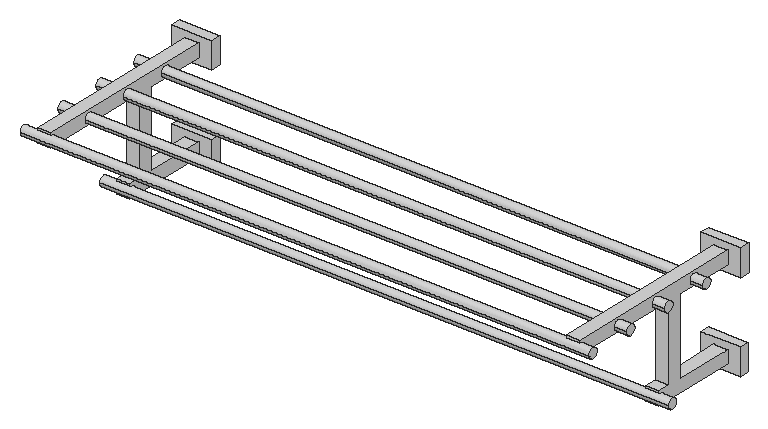
Revit family "Reece_Accessory_GROHE_Essentials Cube_Multi-Towel Rack_600 mm", category Plumbing Fixtures, Revit 2018
Family settings
  Round Connector Dimension = Use Diameter
  Part Type = Normal
  Work Plane-Based = Yes
  Always vertical = Yes
  Cut with Voids When Loaded = Yes
  Shared = Yes
  Room Calculation Point = Yes
Parameters
  URL = "https://www.reece.com.au/product/-9506982"
  Type Comments = "Accessory"
  Reece_Product_Web Page = "https://www.reece.com.au/product/-9506982"
  Reece_Product_Type = "Accessory"  # constant formula
  Reece_Product_Sub Brand = "Essentials Cube"  # constant formula
  Reece_Product_Number = "9506982"
  Reece_Product_Mount = "Wall Mounted"
  Reece_Product_Description = "GROHE Essentials Cube Accessories Multi-Towel Rack 600mm Chrome"
  Reece_Product_Brand = "Grohe"  # constant formula
  Reece_Overall_Width = 600 mm  # constant formula
  Reece_Overall_Height = 122 mm  # constant formula
  Reece_Material_Main = Reece_Brass_Chrome
  Reece_Height_From_Level [instance] = 1000 mm
  Reece_Detail_Shape = ""
  Reece_Detail_Installation = ""
  Reece_Detail_Disclaimer = "THIS FILE IS THE PROPERTY OF THE REECE GROUP. IT MAY NOT BE REPRODUCED, REVERSE-ENGINEERED OR MODIFIED. ANY REPUBLICATION, TRANSMISSION OR DISTRIBUTION FOR THE PURPOSE OF COMMERCIALLY EXPLOITING THE FILES IS PROHIBITED."  # constant formula
  Reece_Detail_Connector = ""
  Reece_Detail_Additional = ""
  Reece_Accessory_Projection = 210 mm  # constant formula
  Model = "Essentials Cube"
  Manufacturer = "Grohe"
  Keynote = "Product #9506982, Reece_Accessory_GROHE_Essentials Cube_Multi-Towel Rack_600 mm -  "
  Disclaimer = "THIS FILE IS THE PROPERTY OF THE REECE GROUP. IT MAY NOT BE REPRODUCED, REVERSE-ENGINEERED OR MODIFIED. ANY REPUBLICATION, TRANSMISSION OR DISTRIBUTION FOR THE PURPOSE OF COMMERCIALLY EXPLOITING THE FILES IS PROHIBITED."  # constant formula
  Description = "GROHE Essentials Cube Accessories Multi-Towel Rack 600mm Chrome"
  Default Elevation = 0 mm
Types (2, lengths in mm): name | Keynote
  (no name) | "Product #9506982, Reece_Accessory_GROHE_Essentials Cube_Multi-Towel Rack_600 mm -  "
  Chrome | "Product #9506982, Reece_Accessory_GROHE_Essentials Cube_Multi-Towel Rack_600 mm - Chrome"
Reference planes
  plane 1 "Center (Front/Back)": y = 0
  plane 2 "Bottom Host Plane": z = -5
  plane 3 "Center (Left/Right)": x = 0
  plane 4 "Fixing Point": z = 1000
  plane 5: z = 906
  plane 6: x = 0
  plane 7: x = 300
  plane 8: x = -300
  plane 9: y = -210
  plane 10: z = 1014
  plane 11: z = 892
Forms (mm)
  Extrusion 1, solid, material "Reece_Brass_Chrome" <- "Reece_Material_Main"
    sketch origin (-286, 0, 0) x (0, 1, 0) y (0, 0, 1)
      loop
        line (0, 1014) -> (-10, 1014) -> (-10, 986) -> (0, 986) -> (0, 1014)
    from -14 to 28
  Extrusion 2, solid, material "Reece_Brass_Chrome" <- "Reece_Material_Main"
    sketch origin (-286, 0, 0) x (0, 1, 0) y (0, 0, 1)
      loop
        line (-10, 1007) -> (-205, 1007) -> (-205, 993) -> (-10, 993) -> (-10, 1007)
    from 0 to 14
  Extrusion 3, solid, material "Reece_Brass_Chrome" <- "Reece_Material_Main"
    sketch origin (0, 0, 0) x (0, 1, 0) y (0, 0, 1)
      loop
        circle (-55, 1000) r 5
      loop
        circle (-105, 1000) r 5
      loop
        circle (-155, 1000) r 5
      loop
        circle (-205, 1000) r 5
    from -300 to 300
  Extrusion 4, solid, material "Reece_Brass_Chrome" <- "Reece_Material_Main"
    sketch origin (-286, 0, 0) x (0, 1, 0) y (0, 0, 1)
      loop
        line (-73, 993) -> (-87, 993) -> (-87, 913) -> (-73, 913) -> (-73, 993)
    from 0 to 14
  Extrusion 5, solid, material "Reece_Brass_Chrome" <- "Reece_Material_Main"
    sketch origin (-286, 0, 0) x (0, 1, 0) y (0, 0, 1)
      loop
        line (-10, 899) -> (-10, 913) -> (-100, 913) -> (-100, 899) -> (-10, 899)
    from 0 to 14
  Extrusion 6, solid, material "Reece_Brass_Chrome" <- "Reece_Material_Main"
    sketch origin (0, 0, 0) x (0, 1, 0) y (0, 0, 1)
      loop
        circle (-100, 906) r 5
    from -300 to 300
  Extrusion 7, solid, material "Reece_Brass_Chrome" <- "Reece_Material_Main"
    sketch origin (286, 0, 0) x (0, 1, 0) y (0, 0, -1)
      loop
        line (-10, -1007) -> (-10, -993) -> (-205, -993) -> (-205, -1007) -> (-10, -1007)
    from 0 to 14
  Extrusion 8, solid, material "Reece_Brass_Chrome" <- "Reece_Material_Main"
    sketch origin (286, 0, 0) x (0, 1, 0) y (0, 0, -1)
      loop
        line (-73, -993) -> (-73, -913) -> (-87, -913) -> (-87, -993) -> (-73, -993)
    from 0 to 14
  Extrusion 9, solid, material "Reece_Brass_Chrome" <- "Reece_Material_Main"
    sketch origin (285.994, 0, 0) x (0, 1, 0) y (0, 0, -1)
      loop
        line (-10, -899) -> (-100, -899) -> (-100, -913) -> (-10, -913) -> (-10, -899)
    from 0 to 14
  Extrusion 10, solid, material "Reece_Brass_Chrome" <- "Reece_Material_Main"
    sketch origin (286, 0, 0) x (0, 1, 0) y (0, 0, -1)
      loop
        line (0, -1014) -> (0, -986) -> (-10, -986) -> (-10, -1014) -> (0, -1014)
    from -14 to 28
  Extrusion 11, solid, material "Reece_Brass_Chrome" <- "Reece_Material_Main"
    sketch origin (-286, 0, -94) x (0, 1, 0) y (0, 0, 1)
      loop
        line (0, 1014) -> (-10, 1014) -> (-10, 986) -> (0, 986) -> (0, 1014)
    from -14 to 28
  Extrusion 12, solid, material "Reece_Brass_Chrome" <- "Reece_Material_Main"
    sketch origin (286, 0, -94) x (0, 1, 0) y (0, 0, -1)
      loop
        line (0, -1014) -> (0, -986) -> (-10, -986) -> (-10, -1014) -> (0, -1014)
    from -14 to 28
Cuts and joins
  joined: Extrusion 1, Extrusion 2, Extrusion 3, Extrusion 4, Extrusion 5, Extrusion 6, Extrusion 7, Extrusion 8, Extrusion 9, Extrusion 10, Extrusion 11, Extrusion 12
Lines and regions (mm)
  model lines, style "InvisibleLines"
    curve 1: line (0, 0, -5) -> (0, 0, 1000)
Text (mm)
  text "Reece ©" at (2679.973, -2267.036, 3069.804), in view "Reece Preview"
  text "Reece ©" at (496.081, -364.438, -1020.679), in view "Ref. Level"
Dimensions and locks
  locked: plane 2 "Bottom Host Plane" to level at 5
  "Reece_Height_From_Level": plane 4 "Fixing Point" to level
  equal spacing: plane 8, plane 6, plane 7
  "Reece_Overall_Width": plane 8 to plane 7
  "Reece_Accessory_Projection": plane 1 "Center (Front/Back)" to plane 9
  locked: plane 4 "Fixing Point" to plane 5 at 94
  "Reece_Overall_Height": plane 10 to plane 11
  plane 8 to plane 7 = 600 mm
  locked: plane 10 to plane 4 "Fixing Point" at 14
  plane 5 to plane 11 = 14 mm
  aligned and locked: plane 4 "Fixing Point" to curve 1
Automatic sketch dimensions
  curve 1 to plane 3 "Center (Left/Right)" = 0 mm
  curve 1 to plane 2 "Bottom Host Plane" = 0 mm
  Extrusion 1 sketch curve to plane 1 "Center (Front/Back)" = 0 mm
  plane 1 "Center (Front/Back)" to Extrusion 1 sketch curve = 10 mm
  plane 4 "Fixing Point" to Extrusion 1 sketch curve = 14 mm
  Extrusion 1 sketch curve to plane 4 "Fixing Point" = 14 mm
  plane 1 "Center (Front/Back)" to Extrusion 2 sketch curve = 10 mm
  plane 4 "Fixing Point" to Extrusion 2 sketch curve = 7 mm
  Extrusion 2 sketch curve to plane 4 "Fixing Point" = 7 mm
  plane 4 "Fixing Point" to Extrusion 3 sketch curve = 0 mm  (x4)
  plane 4 "Fixing Point" to Extrusion 4 sketch curve = 7 mm
  plane 1 "Center (Front/Back)" to Extrusion 5 sketch curve = 10 mm
  Extrusion 5 sketch curve to plane 5 = 7 mm
  Extrusion 6 sketch curve to plane 5 = 0 mm
  plane 1 "Center (Front/Back)" to Extrusion 7 sketch curve = 10 mm
  Extrusion 7 sketch curve to plane 4 "Fixing Point" = 7 mm
  plane 4 "Fixing Point" to Extrusion 7 sketch curve = 7 mm
  plane 4 "Fixing Point" to Extrusion 8 sketch curve = 7 mm
  plane 1 "Center (Front/Back)" to Extrusion 9 sketch curve = 10 mm
  Extrusion 9 sketch curve to plane 5 = 7 mm
  Extrusion 10 sketch curve to plane 1 "Center (Front/Back)" = 0 mm
  plane 1 "Center (Front/Back)" to Extrusion 10 sketch curve = 10 mm
  Extrusion 10 sketch curve to plane 4 "Fixing Point" = 14 mm
  plane 4 "Fixing Point" to Extrusion 10 sketch curve = 14 mm
  Extrusion 11 sketch curve to plane 1 "Center (Front/Back)" = 0 mm
  Extrusion 11 sketch curve to Extrusion 11 sketch curve = 10 mm
  Extrusion 11 sketch curve to plane 5 = 14 mm
  Extrusion 12 sketch curve to plane 1 "Center (Front/Back)" = 0 mm
  Extrusion 12 sketch curve to Extrusion 12 sketch curve = 10 mm
  Extrusion 12 sketch curve to plane 5 = 14 mm
  Extrusion 2 sketch curve to Extrusion 2 sketch curve = 195 mm
  plane 1 "Center (Front/Back)" to Extrusion 3 sketch curve = 205 mm
  Extrusion 3 sketch curve to Extrusion 3 sketch curve = 50 mm  (x3)
  plane 1 "Center (Front/Back)" to Extrusion 4 sketch curve = 87 mm
  Extrusion 4 sketch curve to Extrusion 4 sketch curve = 14 mm
  Extrusion 5 sketch curve to Extrusion 5 sketch curve = 90 mm
  plane 1 "Center (Front/Back)" to Extrusion 6 sketch curve = 100 mm
  Extrusion 7 sketch curve to Extrusion 7 sketch curve = 195 mm
  plane 1 "Center (Front/Back)" to Extrusion 8 sketch curve = 87 mm
  Extrusion 8 sketch curve to Extrusion 8 sketch curve = 14 mm
  Extrusion 9 sketch curve to Extrusion 9 sketch curve = 90 mm
  plane 5 to Extrusion 4 sketch curve = 7 mm
  plane 5 to Extrusion 5 sketch curve = 7 mm
  plane 5 to Extrusion 8 sketch curve = 7 mm
  plane 5 to Extrusion 9 sketch curve = 7 mm
  plane 5 to Extrusion 11 sketch curve = 14 mm
  plane 5 to Extrusion 12 sketch curve = 14 mm
  radius of Extrusion 3 sketch curve = 5 mm  (x4)
  radius of Extrusion 6 sketch curve = 5 mm
